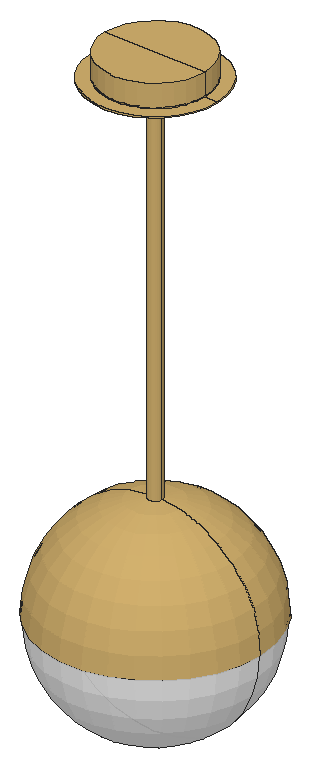
Revit family "3-6902 Mondo Pendant", category Lighting Fixtures, host Ceiling, Revit 2018
Family settings
  Host = Ceiling
  Round Connector Dimension = Use Diameter
  Part Type = Normal
  OmniClass Number = 23.80.70.11
  OmniClass Title = Luminaries for Internal Lighting
  Always vertical = Yes
  Cut with Voids When Loaded = No
  Light Source = Yes
  Shared = No
  Room Calculation Point = No
Parameters (values of type "3-6902-4040 / Aged Brass - Matte Opal Glass")
  Wattage Comments = "11.6 W at 120 V"  # constant formula
  Wattage = 11.6 W
  built-in parameter 1150110 = 1 (stored number, unit not read)
  Voltage Input = "120 V or 277 V - 50/60 Hz"  # constant formula
  Voltage = 120 V
  URL = "www.oxygenlighting.com"
  built-in parameter 1114217 = 1 (stored number, unit not read)
  Tilt Angle = 90.00°  # constant formula
  built-in parameter 1150109 = 1 (stored number, unit not read)
  built-in parameter 1150134 = 12
  built-in parameter 1150113 = 1 (stored number, unit not read)
  References = "Ref. 3 = 120 V / Ref. 37 = 277 V"  # constant formula
  Photometric Web File = "3-6902-24 Mondo Pendant.ies"
  Model = "3-6902-xx / Mondo Pendant"  # constant formula
  Metal Finish = 40 - Aged Brass
  Manufacturer = "Oxygen - Lighting & Fans"  # constant formula
  Lumens = 625.24 lm
  built-in parameter 1150115 = 1 (stored number, unit not read)
  built-in parameter 1150105 = 49.755 (stored number, unit not read)
  built-in parameter 1150137 = (empty or 0)
  built-in parameter 1150139 = (empty or 0)
  built-in parameter 1150112 = 1 (stored number, unit not read)
  built-in parameter 1150114 = 1 (stored number, unit not read)
  Lamp = "LED Array"  # constant formula
  built-in parameter 1150132 = (empty or 0)
  built-in parameter 1150102 = (empty or 0)
  built-in parameter 1150138 = (empty or 0)
  built-in parameter 1150107 = 4000 (stored number, unit not read)
  built-in parameter 1150106 = 0.49755 (stored number, unit not read)
  built-in parameter 1150104 = 5.0075 (stored number, unit not read)
  Dimming Lamp Color Temperature Shift = <None>
  Main Diffuser = Matte Opal Glass
  Color Filter = 16777215
  built-in parameter 1114218 = 1 (stored number, unit not read)
  built-in parameter 1150133 = 10 (stored number, unit not read)
Types (13): name | built-in parameter 1150134 | Metal Finish | built-in parameter 1150107
  (no name) | 12 | 40 - Aged Brass | 4000 (stored number, unit not read)
  3-6902-24 / Satin Nickel - Matte Opal Glass | (empty or 0) | 24 - Satin Nickel | 3000 (stored number, unit not read)
  3-6902-40 / Aged Brass - Matte Opal Glass | (empty or 0) | 40 - Aged Brass | 3000 (stored number, unit not read)
  3-6902-15 / Black - Matte Opal Glass | (empty or 0) | 15 - Black | 3000 (stored number, unit not read)
  3-6902-2715 / Black - Matte Opal Glass | (empty or 0) | 15 - Black | 2700 (stored number, unit not read)
  3-6902-2724 / Satin Nickel - Matte Opal Glass | (empty or 0) | 24 - Satin Nickel | 3000 (stored number, unit not read)
  3-6902-2740 / Aged Brass - Matte Opal Glass | (empty or 0) | 40 - Aged Brass | 2700 (stored number, unit not read)
  3-6902-3515 / Black - Matte Opal Glass | (empty or 0) | 15 - Black | 3500 (stored number, unit not read)
  3-6902-3524 / Satin Nickel - Matte Opal Glass | (empty or 0) | 24 - Satin Nickel | 3500 (stored number, unit not read)
  3-6902-3540 / Aged Brass - Matte Opal Glass | (empty or 0) | 40 - Aged Brass | 3500 (stored number, unit not read)
  3-6902-4015 / Black - Matte Opal Glass | 12 | 15 - Black | 4000 (stored number, unit not read)
  3-6902-4024 / Satin Nickel - Matte Opal Glass | 12 | 24 - Satin Nickel | 4000 (stored number, unit not read)
  3-6902-4040 / Aged Brass - Matte Opal Glass | 12 | 40 - Aged Brass | 4000 (stored number, unit not read)
Reference planes (in)
  plane 1 "Light Source Axis (F/B)": y = 0
  plane 2 "Ceiling": z = 96
  plane 3 "Light Source Axis (L/R)": x = 0
  plane 4 "Light Source Elevation": z = 72.34267
  plane 5: z = 94.87795
  plane 6: z = 94.6811
Forms (in)
  Extrusion 1, solid, material "40 - Aged Brass" <- "Metal Finish"
    sketch origin (0, 0, 0) x (1, 0, 0) y (0, 1, 0)
      loop
        line (0, 0.62961) -> (-0.05867, 0.59573) -> (-0.12283, 0.61751) -> (-0.17377, 0.57284) -> (-0.24094, 0.58168) -> (-0.28218, 0.52793) -> (-0.34979, 0.5235) -> (-0.37976, 0.46273) -> (-0.4452, 0.4452) -> (-0.46273, 0.37976) -> (-0.5235, 0.34979) -> (-0.52793, 0.28218) -> (-0.58168, 0.24094) -> (-0.57284, 0.17377) -> (-0.61751, 0.12283) -> (-0.59573, 0.05867) -> (-0.62961, 0) -> (-0.59573, -0.05867) -> (-0.61751, -0.12283) -> (-0.57284, -0.17377) -> (-0.58168, -0.24094) -> (-0.52793, -0.28218) -> (-0.5235, -0.34979) -> (-0.46273, -0.37976) -> (-0.4452, -0.4452) -> (-0.37976, -0.46273) -> (-0.34979, -0.5235) -> (-0.28218, -0.52793) -> (-0.24094, -0.58168) -> (-0.17377, -0.57284) -> (-0.12283, -0.61751) -> (-0.05867, -0.59573) -> (0, -0.62961) -> (0.05867, -0.59573) -> (0.12283, -0.61751) -> (0.17377, -0.57284) -> (0.24094, -0.58168) -> (0.28218, -0.52793) -> (0.34979, -0.5235) -> (0.37976, -0.46273) -> (0.4452, -0.4452) -> (0.46273, -0.37976) -> (0.5235, -0.34979) -> (0.52793, -0.28218) -> (0.58168, -0.24094) -> (0.57284, -0.17377) -> (0.61751, -0.12283) -> (0.59573, -0.05867) -> (0.62961, 0) -> (0.59573, 0.05867) -> (0.61751, 0.12283) -> (0.57284, 0.17377) -> (0.58168, 0.24094) -> (0.52793, 0.28218) -> (0.5235, 0.34979) -> (0.46273, 0.37976) -> (0.4452, 0.4452) -> (0.37976, 0.46273) -> (0.34979, 0.5235) -> (0.28218, 0.52793) -> (0.24094, 0.58168) -> (0.17377, 0.57284) -> (0.12283, 0.61751) -> (0.05867, 0.59573) -> (0, 0.62961)
    from 94.6811 to 94.87795
  Revolve 2, solid, material "40 - Aged Brass" <- "Metal Finish"
    sketch origin (0, 0, 0) x (1, 0, 0) y (0, 0, 1)
      loop
        line (2.3622, 96) -> (0, 96) -> (0, 94.87795) -> (2.95276, 94.87795) -> (2.95276, 94.93701) -> (2.32283, 94.93701)
        arc (2.32283, 94.93701) -> (2.35067, 94.94854) -> (2.3622, 94.97638) r 0.03937
        line (2.3622, 94.97638) -> (2.3622, 96)
      loop
        line (0.47244, 94.64173) -> (0.47244, 94.6811) -> (0, 94.6811) -> (0, 77.29638) -> (0.31496, 77.29638) -> (0.31496, 93.93307) -> (0.31496, 94.01181) -> (0.20669, 94.01181) -> (0.20669, 94.07087)
        arc (0.20669, 94.07087) -> (0.25783, 94.11561) -> (0.29948, 94.16929) r 0.35433
        line (0.29948, 94.16929) -> (0.43307, 94.16929) -> (0.43307, 94.60236) -> (0.47244, 94.64173)
      axis (0, 96) -> (0, 77.29638)
    angle from 0 to 360
  Revolve 3, solid, material "40 - Aged Brass" <- "Metal Finish"
    sketch origin (0, 0, 0) x (1, 0, 0) y (0, 0, 1)
      loop
        arc (4.96063, 72.34267) -> (3.5991, 75.75652) -> (0.26189, 77.29638) r 4.96063
        line (0.26189, 77.29638) -> (0, 77.29638) -> (0, 77.25638) -> (0.26083, 77.25638)
        arc (0.26083, 77.25638) -> (3.57044, 75.72861) -> (4.92063, 72.34267) r 4.92063
        line (4.92063, 72.34267) -> (4.96063, 72.34267)
      axis (0, 77.29638) -> (0, 72.34267)
    angle from 0 to 360
  Revolve 4, solid, material "Matte Opal Glass" <- "Main Diffuser"
    sketch origin (0, 0, 0) x (1, 0, 0) y (0, 0, 1)
      loop
        line (4.92126, 72.34267) -> (0, 72.34267) -> (0, 67.42141)
        arc (0, 67.42141) -> (3.47986, 68.86282) -> (4.92126, 72.34267) r 4.92126
      axis (0, 72.34267) -> (0, 67.42141)
    angle from 0 to 360
Dimensions and locks (in)
  equal spacing: host sketch curve, plane 3 "Light Source Axis (L/R)", host sketch curve
  equal spacing: host sketch curve, plane 1 "Light Source Axis (F/B)", host sketch curve
  host sketch curve to host sketch curve = 120.00"  (x2)
  locked: plane 2 "Ceiling" to plane 4 "Light Source Elevation" at 23.65733
  locked: plane 5 to plane 6 at 0.19685
  locked: plane 2 "Ceiling" to plane 5 at 1.12205
  aligned and locked: plane 3 "Light Source Axis (L/R)" to imposter light
  aligned and locked: plane 1 "Light Source Axis (F/B)" to imposter light
  aligned and locked: plane 4 "Light Source Elevation" to imposter light
  aligned and locked: Extrusion 1 to plane 5
  aligned and locked: plane 6 to Extrusion 1
  aligned and locked: Revolve 2 sketch curve to plane 3 "Light Source Axis (L/R)"
  aligned and locked: Revolve 2 sketch curve to plane 2 "Ceiling"
Connectors (in)
  electrical at (0, 0, 96), driven by "Voltage"
    settings: on Revolve 2, index 1, voltage 120 V, apparent load 0 VA, apparent load phase1 0 VA, apparent load phase2 0 VA, apparent load phase3 0 VA, power factor 1, load classification "Other", number of poles 1, system type 31, power factor state 1, is connector primary yes, connector utility no, sub classification motor no, connector description ""
